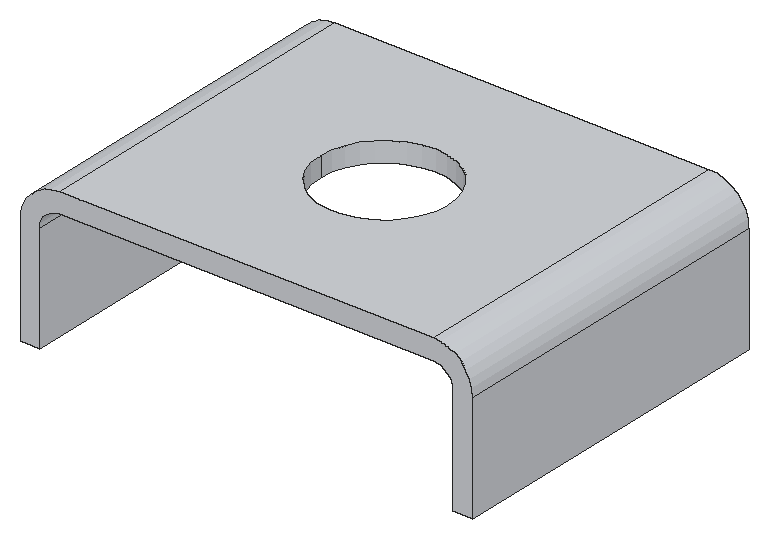
Revit family "Profilhalter, VA ", category HLS-Bauteile, Revit 2017
Family settings
  Bemaßung runder Anschluss = Durchmesser verwenden
  Teiletyp = Normal
  Arbeitsebenenbasiert = Ja
  Immer vertikal = Nein
  Beim Laden mit Abzugskörper schneiden = Nein
  Gemeinsam genutzt = Ja
  Raumberechnungspunkt = Nein
Parameters (values of type "Profilhalter 45, V2A")
  vpe = "1 St"
  max. zul. Last = 0.00 kN
  für Gewinde = "M12"
  Default Elevation = 1219.2 mm
  Stärke Material = 4 mm
  Regelhalter [instance] = ""
  Profiltyp = "45"
  Materialname = "V2A"
  Material = "Edelstahl"
  Länge = 46 mm
  Lochdurchmesser = "13 mm"
  Langloch = ""
  L = 46 mm
  Kurztext2 = "Bohrung 13 mm für Gewinde M12"
  Kurztext1 = "Profilhalter C-Profil 45 V2A"
  Klauenbreite 2 = ""
  Klauenbreite 1 = ""
  Höhe = "15 mm"
  H = 15 mm
  Gewicht pro Bauteil = Gewicht  # 0.0857 kg
  Gewicht = 0.0857 kg
  Firma = "MEFA Befestigungs- und Montagesysteme GmbH"
  Fabrikat = "MEFA"
  D = 13 mm
  Breite = 35 mm
  B = 35 mm
  Artikelnummer = "0480629"
  Anzugsmoment = 0 N·m
Types (5, lengths in mm): name | für Gewinde | Stärke Material | Profiltyp | Materialname | Länge | Lochdurchmesser | L | Kurztext2 | Kurztext1 | Höhe | H | Gewicht pro Bauteil | Gewicht | D | Breite | B | Artikelnummer
  (no name) | "M12" | 4 | "45" | "V2A" | 46 | "13 mm" | 46 | "Bohrung 13 mm für Gewinde M12" | "Profilhalter C-Profil 45 V2A" | "15 mm" | 15 | 0.0857 kg | 0.0857 kg | 13 | 35 | 35 | "0480629"
  Profilhalter 27, V2A | "M10" | 2 | "27" | "V2A" | 28 | "10.5 mm" | 28 | "Bohrung 10.5 mm für Gewinde M10" | "Profilhalter C-Profil 27 V2A" | "8 mm" | 8 | 0.0134 kg | 0.0134 kg | 10.5 | 20 | 20 | "0809513"
  Profilhalter 35, V2A | "M12" | 3 | "35" | "V2A" | 36 | "13 mm" | 36 | "Bohrung 13 mm für Gewinde M12" | "Profilhalter C-Profil 35 V2A" | "12 mm" | 12 | 0.0416 kg | 0.0416 kg | 13 | 30 | 30 | "0809511"
  Profilhalter 45, V2A | "M12" | 4 | "45" | "V2A" | 46 | "13 mm" | 46 | "Bohrung 13 mm für Gewinde M12" | "Profilhalter C-Profil 45 V2A" | "15 mm" | 15 | 0.0857 kg | 0.0857 kg | 13 | 35 | 35 | "0480629"
  Profilhalter 45, V4A | "M12" | 4 | "45" | "V4A" | 46 | "13 mm" | 46 | "Bohrung 13 mm für Gewinde M12" | "Profilhalter C-Profil 45 V4A" | "15 mm" | 15 | 0.0857 kg | 0.0857 kg | 13 | 35 | 35 | "0481629"
Reference planes
  plane 1 "Mitte (Vorne/hinten)": y = 0
  plane 2: z = 0
  plane 3 "Mitte (Links/rechts)": x = 0
  plane 4: x = 23
  plane 5: x = -23
  plane 6: z = 15
  plane 7: y = 17.5
  plane 8: y = -17.5
Forms (mm)
  Extrusion 1, solid
    sketch origin (0, 0, 0) x (1, 0, 0) y (0, 0, 1)
      loop
        line (23, 0) -> (23, 11)
        arc (23, 11) -> (21.828, 13.828) -> (19, 15) r 4
        line (19, 15) -> (-19, 15)
        arc (-19, 15) -> (-21.828, 13.828) -> (-23, 11) r 4
        line (-23, 11) -> (-23, 0) -> (-21.035, 0) -> (-21.035, 10.956)
        arc (-21.035, 10.956) -> (-20.449, 12.37) -> (-19.035, 12.956) r 2
        line (-19.035, 12.956) -> (18.985, 12.956)
        arc (18.985, 12.956) -> (20.399, 12.37) -> (20.985, 10.956) r 2
        line (20.985, 10.956) -> (20.985, 0) -> (23, 0)
    from -17.5 to 17.5
  Extrusion 2, void
    sketch origin (0, 0, 0) x (1, 0, 0) y (0, 1, 0)
      loop
        circle (0, 0) r 6.5
    from -10 to 15
Cuts and joins
  Extrusion 2 cuts Extrusion 1
Lines and regions (mm)
  model lines, not visible
    curve 1: line (0, 0, 35.51) -> (0, 0, -29.868)
    curve 2: line (27.609, 0, 15) -> (-30.391, 0, 15)
    curve 3: line (0, 15.069, 15) -> (0, -13.74, 15)
Dimensions and locks
  "L": plane 5 to plane 4
  equal spacing: plane 5, plane 3 "Mitte (Links/rechts)", plane 4
  "H": level to plane 6
  plane 7 to curve 1 = 17.5 mm
  equal spacing: plane 8, plane 1 "Mitte (Vorne/hinten)", plane 7
  "B": plane 8 to plane 7
  "D": diameter of Extrusion 2 sketch curve
  aligned and locked: level to plane 2
  aligned and locked: plane 4 to Extrusion 1 sketch curve  (x2)
  aligned and locked: plane 5 to Extrusion 1 sketch curve
  aligned and locked: Extrusion 1 sketch curve to plane 6
  aligned and locked: curve 2 to plane 6
  aligned and locked: plane 3 "Mitte (Links/rechts)" to curve 1
  aligned and locked: curve 3 to plane 6
  aligned and locked: cut or joined group of Extrusion 1, Extrusion 2 to plane 4
  aligned and locked: cut or joined group of Extrusion 1, Extrusion 2 to plane 5
  aligned and locked: cut or joined group of Extrusion 1, Extrusion 2 to plane 7
  aligned and locked: cut or joined group of Extrusion 1, Extrusion 2 to plane 8
Automatic sketch dimensions
  Extrusion 1 sketch curve to level = 0 mm  (x2)
  Extrusion 1 sketch curve to Extrusion 1 sketch curve = 1.965 mm
  Extrusion 1 sketch curve to plane 6 = 2.044 mm
  Extrusion 1 sketch curve to Extrusion 1 sketch curve = 2 mm
  Extrusion 1 sketch curve to Extrusion 1 sketch curve = 0.035 mm
  plane 4 to Extrusion 1 sketch curve = 4.015 mm
  Extrusion 1 sketch curve to Extrusion 1 sketch curve = 0.015 mm
  Extrusion 1 sketch curve to Extrusion 1 sketch curve = 2.015 mm
  curve 1 to level = 29.868 mm
  curve 2 to plane 5 = 7.391 mm
  curve 2 to plane 4 = 4.609 mm
  curve 2 to curve 1 = 20.51 mm
  plane 1 "Mitte (Vorne/hinten)" to curve 3 = 13.74 mm
  curve 3 to plane 1 "Mitte (Vorne/hinten)" = 15.069 mm
  plane 1 "Mitte (Vorne/hinten)" to Extrusion 2 sketch curve = 0 mm
  Extrusion 2 sketch curve to plane 3 "Mitte (Links/rechts)" = 0 mm
